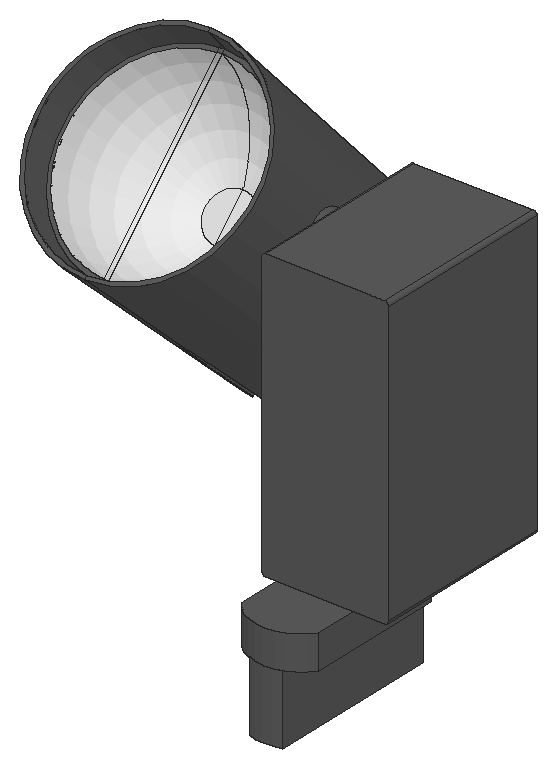
Revit family "0004897 Feilo Sylvania Lighting Fixture START TRACK SPOT S 14W 4K RA90 WB BLACK", category Lighting Fixtures, host Face, Revit 2017 (continued)
Definition of nested family "Start Track Spot Head"
  Types (96, lengths in mm): name | Wattage | built-in parameter 1150134 | Photometric Web File | Model | built-in parameter 1150105 | Lumens | built-in parameter 1150107 | built-in parameter 1150106 | HeadThickness_FEILO | HeadRibOffset_FEILO | HeadRibDepth_FEILO | HeadRibCutWidth_FEILO | HeadRibCutOffset_FEILO | HeadReflectorRadius_FEILO | HeadReflectorOffset_FEILO | HeadLEDRadius_FEILO | HeadHeight_FEILO | HeadDiffusorOffset_FEILO | HeadDiaOut_FEILO | HeadDiaIn_FEILO | HeadAxisFromTop_FEILO | Emit from Circle Diameter | built-in parameter 1150104 | Description | Apparent Load
    0004864 START TRACK SPOT S 24W 3K RA90 WB WHITE | 24 W | (empty or 0) | "0004864.ies" | "START TRACK SPOT S 24W 3K RA90 WB WHITE" | 152.79 (stored number, unit not read) | 1920 lm | 3000 (stored number, unit not read) | 1.5279 (stored number, unit not read) | 1.5 | 4.179 | 55.714 | 7.167 | 50.87 | 50.588 | 55.714 | 9.556 | 117 | 9.435 | 86 | 77.477 | 69.354 | 77.477 | 7.4322 (stored number, unit not read) | "Integrated LED spotlight, Textured White - RAL9016, compact and minimalist design, ideal for retail applications, die-cast aluminium body, passive cooling heatsink. Beam angle: 64°, color temperature: 3000K , total system power: 24W, total fixture output: 1928 lm, LOR: 100%, colour rendering: Ra: 90 typical, LED Chromaticity: 3 step MacAdam ellipse, lifetime: >50000 hours at L70B50, energy class: A++, A+, A, IR/UV free light source without heat radiation, operating voltage: 220-240V / 50-60Hz, drive current: 600mA, electronic driver, non-dimmable, power factor: 0.95, electrical protection: Class II, Global Track 3 Phase adapter suitable for Global trac 3-circuit tracks, ingress protection rating: IP20, suitable for internal environment only, horizontal rotation: 355°, vertical tilt: 90°, dimensions: Ø86x140x200, weight: 0.966kg." | 24 VA
    0004863 START TRACK SPOT S 24W 3K RA90 MB WHITE | 24 W | (empty or 0) | "0004863.ies" | "START TRACK SPOT S 24W 3K RA90 MB WHITE" | 154.7 (stored number, unit not read) | 1944 lm | 3000 (stored number, unit not read) | 1.547 (stored number, unit not read) | 1.5 | 4.179 | 55.714 | 7.167 | 50.87 | 50.588 | 55.714 | 9.556 | 117 | 9.435 | 86 | 77.477 | 69.354 | 77.477 | 7.5251 (stored number, unit not read) | "Integrated LED spotlight, Textured White - RAL9016, compact and minimalist design, ideal for retail applications, die-cast aluminium body, passive cooling heatsink. Beam angle: 36°, color temperature: 3000K , total system power: 24W, total fixture output: 1944 lm, LOR: 100%, colour rendering: Ra: 90 typical, LED Chromaticity: 3 step MacAdam ellipse, lifetime: >50000 hours at L70B50, energy class: A++, A+, A, IR/UV free light source without heat radiation, operating voltage: 220-240V / 50-60Hz, drive current: 600mA, electronic driver, non-dimmable, power factor: 0.95, electrical protection: Class II, Global Track 3 Phase adapter suitable for Global trac 3-circuit tracks, ingress protection rating: IP20, suitable for internal environment only, horizontal rotation: 355°, vertical tilt: 90°, dimensions: Ø86x140x200, weight: 0.966kg." | 24 VA
    0004862 START TRACK SPOT S 24W 3K RA90 NB WHITE | 24 W | (empty or 0) | "0004862.ies" | "START TRACK SPOT S 24W 3K RA90 NB WHITE" | 158.52 (stored number, unit not read) | 1992 lm | 3000 (stored number, unit not read) | 1.5852 (stored number, unit not read) | 1.5 | 4.179 | 55.714 | 7.167 | 50.87 | 50.588 | 55.714 | 9.556 | 117 | 9.435 | 86 | 77.477 | 69.354 | 77.477 | 7.711 (stored number, unit not read) | "Integrated LED spotlight, Textured White - RAL9016, compact and minimalist design, ideal for retail applications, die-cast aluminium body, passive cooling heatsink. Beam angle: 12°, color temperature: 3000K , total system power: 24W, total fixture output: 1987 lm, LOR: 100%, colour rendering: Ra: 90 typical, LED Chromaticity: 3 step MacAdam ellipse, lifetime: >50000 hours at L70B50, energy class: A++, A+, A, IR/UV free light source without heat radiation, operating voltage: 220-240V / 50-60Hz, drive current: 600mA, electronic driver, non-dimmable, power factor: 0.95, electrical protection: Class II, Global Track 3 Phase adapter suitable for Global trac 3-circuit tracks, ingress protection rating: IP20, suitable for internal environment only, horizontal rotation: 355°, vertical tilt: 90°, dimensions: Ø86x140x200, weight: 0.966kg." | 24 VA
    0004861 START TRACK SPOT S 14W 3K RA90 WB WHITE | 14 W | (empty or 0) | "0004861.ies" | "START TRACK SPOT S 14W 3K RA90 WB WHITE" | 100.27 (stored number, unit not read) | 1260 lm | 3000 (stored number, unit not read) | 1.0027 (stored number, unit not read) | 1.5 | 4.179 | 55.714 | 7.167 | 50.87 | 50.588 | 55.714 | 9.556 | 117 | 9.435 | 86 | 77.477 | 69.354 | 77.477 | 8.3613 (stored number, unit not read) | "Integrated LED spotlight, Textured White - RAL9016, compact and minimalist design, ideal for retail applications, die-cast aluminium body, passive cooling heatsink. Beam angle: 64°, color temperature: 3000K , total system power: 14W, total fixture output: 1262 lm, LOR: 100%, colour rendering: Ra: 90 typical, LED Chromaticity: 3 step MacAdam ellipse, lifetime: >50000 hours at L70B50, energy class: A++, A+, A, IR/UV free light source without heat radiation, operating voltage: 220-240V / 50-60Hz, drive current: 350mA, electronic driver, non-dimmable, power factor: 0.92, electrical protection: Class II, Global Track 3 Phase adapter suitable for Global trac 3-circuit tracks, ingress protection rating: IP20, suitable for internal environment only, horizontal rotation: 355°, vertical tilt: 90°, dimensions: Ø86x140x200, weight: 0.940kg." | 14 VA
    0004860 START TRACK SPOT S 14W 3K RA90 MB WHITE | 14 W | (empty or 0) | "0004860.ies" | "START TRACK SPOT S 14W 3K RA90 MB WHITE" | 100.27 (stored number, unit not read) | 1260 lm | 3000 (stored number, unit not read) | 1.0027 (stored number, unit not read) | 1.5 | 4.179 | 55.714 | 7.167 | 50.87 | 50.588 | 55.714 | 9.556 | 117 | 9.435 | 86 | 77.477 | 69.354 | 77.477 | 8.3613 (stored number, unit not read) | "Integrated LED spotlight, Textured White - RAL9016, compact and minimalist design, ideal for retail applications, die-cast aluminium body, passive cooling heatsink. Beam angle: 36°, color temperature: 3000K , total system power: 14W, total fixture output: 1262 lm, LOR: 100%, colour rendering: Ra: 90 typical, LED Chromaticity: 3 step MacAdam ellipse, lifetime: >50000 hours at L70B50, energy class: A++, A+, A, IR/UV free light source without heat radiation, operating voltage: 220-240V / 50-60Hz, drive current: 350mA, electronic driver, non-dimmable, power factor: 0.92, electrical protection: Class II, Global Track 3 Phase adapter suitable for Global trac 3-circuit tracks, ingress protection rating: IP20, suitable for internal environment only, horizontal rotation: 355°, vertical tilt: 90°, dimensions: Ø86x140x200, weight: 0.940kg." | 14 VA
    0004859 START TRACK SPOT S 14W 3K RA90 NB WHITE | 14 W | (empty or 0) | "0004859.ies" | "START TRACK SPOT S 14W 3K RA90 NB WHITE" | 102.5 (stored number, unit not read) | 1288 lm | 3000 (stored number, unit not read) | 1.025 (stored number, unit not read) | 1.5 | 4.179 | 55.714 | 7.167 | 50.87 | 50.588 | 55.714 | 9.556 | 117 | 9.435 | 86 | 77.477 | 69.354 | 77.477 | 8.5471 (stored number, unit not read) | "Integrated LED spotlight, Textured White - RAL9016, compact and minimalist design, ideal for retail applications, die-cast aluminium body, passive cooling heatsink. Beam angle: 12°, color temperature: 3000K , total system power: 14W, total fixture output: 1284 lm, LOR: 100%, colour rendering: Ra: 90 typical, LED Chromaticity: 3 step MacAdam ellipse, lifetime: >50000 hours at L70B50, energy class: A++, A+, A, IR/UV free light source without heat radiation, operating voltage: 220-240V / 50-60Hz, drive current: 350mA, electronic driver, non-dimmable, power factor: 0.92, electrical protection: Class II, Global Track 3 Phase adapter suitable for Global trac 3-circuit tracks, ingress protection rating: IP20, suitable for internal environment only, horizontal rotation: 355°, vertical tilt: 90°, dimensions: Ø86x140x200, weight: 0.940kg." | 14 VA
    0004858 START TRACK SPOT L 55W 4K RA80 WB BLACK | 55 W | 12 | "0004858.ies" | "START TRACK SPOT L 55W 4K RA80 WB BLACK" | 424.55 (stored number, unit not read) | 5335 lm | 4000 (stored number, unit not read) | 4.2455 (stored number, unit not read) | 2 | 4.429 | 59.048 | 9.417 | 53.913 | 66.471 | 59.048 | 12.556 | 124 | 10 | 113 | 101.802 | 73.503 | 101.802 | 9.0116 (stored number, unit not read) | "Integrated LED spotlight, Textured Black - RAL9005, compact and minimalist design, ideal for retail applications, die-cast aluminium body, passive cooling heatsink. Beam angle: 52°, color temperature: 4000K , total system power: 55W, total fixture output: 5320 lm, LOR: 100%, colour rendering: Ra: 80 typical, LED Chromaticity: 3 step MacAdam ellipse, lifetime: >50000 hours at L70B50, energy class: A++, A+, A, IR/UV free light source without heat radiation, operating voltage: 220-240V / 50-60Hz, drive current: 1400mA, electronic driver, non-dimmable, power factor: 0.96, electrical protection: Class II, Global Track 3 Phase adapter suitable for Global trac 3-circuit tracks, ingress protection rating: IP20, suitable for internal environment only, horizontal rotation: 355°, vertical tilt: 90°, dimensions: Ø113x164x240, weight: 1.398kg." | 55 VA
    0004857 START TRACK SPOT L 55W 4K RA80 MB BLACK | 55 W | 12 | "0004857.ies" | "START TRACK SPOT L 55W 4K RA80 MB BLACK" | 428.92 (stored number, unit not read) | 5390 lm | 4000 (stored number, unit not read) | 4.2892 (stored number, unit not read) | 2 | 4.429 | 59.048 | 9.417 | 53.913 | 66.471 | 59.048 | 12.556 | 124 | 10 | 113 | 101.802 | 73.503 | 101.802 | 9.1045 (stored number, unit not read) | "Integrated LED spotlight, Textured Black - RAL9005, compact and minimalist design, ideal for retail applications, die-cast aluminium body, passive cooling heatsink. Beam angle: 38°, color temperature: 4000K , total system power: 55W, total fixture output: 5378 lm, LOR: 100%, colour rendering: Ra: 80 typical, LED Chromaticity: 3 step MacAdam ellipse, lifetime: >50000 hours at L70B50, energy class: A++, A+, A, IR/UV free light source without heat radiation, operating voltage: 220-240V / 50-60Hz, drive current: 1400mA, electronic driver, non-dimmable, power factor: 0.96, electrical protection: Class II, Global Track 3 Phase adapter suitable for Global trac 3-circuit tracks, ingress protection rating: IP20, suitable for internal environment only, horizontal rotation: 355°, vertical tilt: 90°, dimensions: Ø113x164x240, weight: 1.398kg." | 55 VA
    0004856 START TRACK SPOT L 55W 4K RA80 NB BLACK | 55 W | 12 | "0004856.ies" | "START TRACK SPOT L 55W 4K RA80 NB BLACK" | 433.3 (stored number, unit not read) | 5445 lm | 4000 (stored number, unit not read) | 4.333 (stored number, unit not read) | 2 | 4.429 | 59.048 | 9.417 | 53.913 | 66.471 | 59.048 | 12.556 | 124 | 10 | 113 | 101.802 | 73.503 | 101.802 | 9.1974 (stored number, unit not read) | "Integrated LED spotlight, Textured Black - RAL9005, compact and minimalist design, ideal for retail applications, die-cast aluminium body, passive cooling heatsink. Beam angle: 15°, color temperature: 4000K , total system power: 55W, total fixture output: 5426 lm, LOR: 100%, colour rendering: Ra: 80 typical, LED Chromaticity: 3 step MacAdam ellipse, lifetime: >50000 hours at L70B50, energy class: A++, A+, A, IR/UV free light source without heat radiation, operating voltage: 220-240V / 50-60Hz, drive current: 1400mA, electronic driver, non-dimmable, power factor: 0.96, electrical protection: Class II, Global Track 3 Phase adapter suitable for Global trac 3-circuit tracks, ingress protection rating: IP20, suitable for internal environment only, horizontal rotation: 355°, vertical tilt: 90°, dimensions: Ø113x164x240, weight: 1.398kg." | 55 VA
    0004855 START TRACK SPOT L 35W 4K RA80 WB BLACK | 35 W | 12 | "0004855.ies" | "START TRACK SPOT L 35W 4K RA80 WB BLACK" | 320.3 (stored number, unit not read) | 4025 lm | 4000 (stored number, unit not read) | 3.203 (stored number, unit not read) | 2 | 4.429 | 59.048 | 9.417 | 53.913 | 66.471 | 59.048 | 12.556 | 124 | 10 | 113 | 101.802 | 73.503 | 101.802 | 10.684 (stored number, unit not read) | "Integrated LED spotlight, Textured Black - RAL9005, compact and minimalist design, ideal for retail applications, die-cast aluminium body, passive cooling heatsink. Beam angle: 52°, color temperature: 4000K , total system power: 35W, total fixture output: 4010 lm, LOR: 100%, colour rendering: Ra: 80 typical, LED Chromaticity: 3 step MacAdam ellipse, lifetime: >50000 hours at L70B50, energy class: A++, A+, A, IR/UV free light source without heat radiation, operating voltage: 220-240V / 50-60Hz, drive current: 900mA, electronic driver, non-dimmable, power factor: 0.93, electrical protection: Class II, Global Track 3 Phase adapter suitable for Global trac 3-circuit tracks, ingress protection rating: IP20, suitable for internal environment only, horizontal rotation: 355°, vertical tilt: 90°, dimensions: Ø113x164x240, weight: 1.368kg." | 35 VA
    0004854 START TRACK SPOT L 35W 4K RA80 MB BLACK | 35 W | 12 | "0004854.ies" | "START TRACK SPOT L 35W 4K RA80 MB BLACK" | 320.3 (stored number, unit not read) | 4025 lm | 4000 (stored number, unit not read) | 3.203 (stored number, unit not read) | 2 | 4.429 | 59.048 | 9.417 | 53.913 | 66.471 | 59.048 | 12.556 | 124 | 10 | 113 | 101.802 | 73.503 | 101.802 | 10.684 (stored number, unit not read) | "Integrated LED spotlight, Textured Black - RAL9005, compact and minimalist design, ideal for retail applications, die-cast aluminium body, passive cooling heatsink. Beam angle: 38°, color temperature: 4000K , total system power: 35W, total fixture output: 4017 lm, LOR: 100%, colour rendering: Ra: 80 typical, LED Chromaticity: 3 step MacAdam ellipse, lifetime: >50000 hours at L70B50, energy class: A++, A+, A, IR/UV free light source without heat radiation, operating voltage: 220-240V / 50-60Hz, drive current: 900mA, electronic driver, non-dimmable, power factor: 0.93, electrical protection: Class II, Global Track 3 Phase adapter suitable for Global trac 3-circuit tracks, ingress protection rating: IP20, suitable for internal environment only, horizontal rotation: 355°, vertical tilt: 90°, dimensions: Ø113x164x240, weight: 1.368kg." | 35 VA
    0004853 START TRACK SPOT L 35W 4K RA80 NB BLACK | 35 W | 12 | "0004853.ies" | "START TRACK SPOT L 35W 4K RA80 NB BLACK" | 331.44 (stored number, unit not read) | 4165 lm | 4000 (stored number, unit not read) | 3.3144 (stored number, unit not read) | 2 | 4.429 | 59.048 | 9.417 | 53.913 | 66.471 | 59.048 | 12.556 | 124 | 10 | 113 | 101.802 | 73.503 | 101.802 | 11.055 (stored number, unit not read) | "Integrated LED spotlight, Textured Black - RAL9005, compact and minimalist design, ideal for retail applications, die-cast aluminium body, passive cooling heatsink. Beam angle: 15°, color temperature: 4000K , total system power: 35W, total fixture output: 4174 lm, LOR: 100%, colour rendering: Ra: 80 typical, LED Chromaticity: 3 step MacAdam ellipse, lifetime: >50000 hours at L70B50, energy class: A++, A+, A, IR/UV free light source without heat radiation, operating voltage: 220-240V / 50-60Hz, drive current: 900mA, electronic driver, non-dimmable, power factor: 0.93, electrical protection: Class II, Global Track 3 Phase adapter suitable for Global trac 3-circuit tracks, ingress protection rating: IP20, suitable for internal environment only, horizontal rotation: 355°, vertical tilt: 90°, dimensions: Ø113x164x240, weight: 1.368kg." | 35 VA
    0004852 START TRACK SPOT S 24W 4K RA80 WB BLACK | 24 W | 12 | "0004852.ies" | "START TRACK SPOT S 24W 4K RA80 WB BLACK" | 196.72 (stored number, unit not read) | 2472 lm | 4000 (stored number, unit not read) | 1.9672 (stored number, unit not read) | 1.5 | 4.179 | 55.714 | 7.167 | 50.87 | 50.588 | 55.714 | 9.556 | 117 | 9.435 | 86 | 77.477 | 69.354 | 77.477 | 9.569 (stored number, unit not read) | "Integrated LED spotlight, Textured Black - RAL9005, compact and minimalist design, ideal for retail applications, die-cast aluminium body, passive cooling heatsink. Beam angle: 64°, color temperature: 4000K , total system power: 24W, total fixture output: 2476 lm, LOR: 100%, colour rendering: Ra: 80 typical, LED Chromaticity: 3 step MacAdam ellipse, lifetime: >50000 hours at L70B50, energy class: A++, A+, A, IR/UV free light source without heat radiation, operating voltage: 220-240V / 50-60Hz, drive current: 600mA, electronic driver, non-dimmable, power factor: 0.95, electrical protection: Class II, Global Track 3 Phase adapter suitable for Global trac 3-circuit tracks, ingress protection rating: IP20, suitable for internal environment only, horizontal rotation: 355°, vertical tilt: 90°, dimensions: Ø86x140x200, weight: 0.966kg." | 24 VA
    0004851 START TRACK SPOT S 24W 4K RA80 MB BLACK | 24 W | 12 | "0004851.ies" | "START TRACK SPOT S 24W 4K RA80 MB BLACK" | 198.63 (stored number, unit not read) | 2496 lm | 4000 (stored number, unit not read) | 1.9863 (stored number, unit not read) | 1.5 | 4.179 | 55.714 | 7.167 | 50.87 | 50.588 | 55.714 | 9.556 | 117 | 9.435 | 86 | 77.477 | 69.354 | 77.477 | 9.6619 (stored number, unit not read) | "Integrated LED spotlight, Textured Black - RAL9005, compact and minimalist design, ideal for retail applications, die-cast aluminium body, passive cooling heatsink. Beam angle: 36°, color temperature: 4000K , total system power: 24W, total fixture output: 2487 lm, LOR: 100%, colour rendering: Ra: 80 typical, LED Chromaticity: 3 step MacAdam ellipse, lifetime: >50000 hours at L70B50, energy class: A++, A+, A, IR/UV free light source without heat radiation, operating voltage: 220-240V / 50-60Hz, drive current: 600mA, electronic driver, non-dimmable, power factor: 0.95, electrical protection: Class II, Global Track 3 Phase adapter suitable for Global trac 3-circuit tracks, ingress protection rating: IP20, suitable for internal environment only, horizontal rotation: 355°, vertical tilt: 90°, dimensions: Ø86x140x200, weight: 0.966kg." | 24 VA
    0004850 START TRACK SPOT S 24W 4K RA80 NB BLACK | 24 W | 12 | "0004850.ies" | "START TRACK SPOT S 24W 4K RA80 NB BLACK" | 200.54 (stored number, unit not read) | 2520 lm | 4000 (stored number, unit not read) | 2.0054 (stored number, unit not read) | 1.5 | 4.179 | 55.714 | 7.167 | 50.87 | 50.588 | 55.714 | 9.556 | 117 | 9.435 | 86 | 77.477 | 69.354 | 77.477 | 9.7548 (stored number, unit not read) | "Integrated LED spotlight, Textured Black - RAL9005, compact and minimalist design, ideal for retail applications, die-cast aluminium body, passive cooling heatsink. Beam angle: 12°, color temperature: 4000K , total system power: 24W, total fixture output: 2529 lm, LOR: 100%, colour rendering: Ra: 80 typical, LED Chromaticity: 3 step MacAdam ellipse, lifetime: >50000 hours at L70B50, energy class: A++, A+, A, IR/UV free light source without heat radiation, operating voltage: 220-240V / 50-60Hz, drive current: 600mA, electronic driver, non-dimmable, power factor: 0.95, electrical protection: Class II, Global Track 3 Phase adapter suitable for Global trac 3-circuit tracks, ingress protection rating: IP20, suitable for internal environment only, horizontal rotation: 355°, vertical tilt: 90°, dimensions: Ø86x140x200, weight: 0.966kg." | 24 VA
    0004849 START TRACK SPOT S 14W 4K RA80 WB BLACK | 14 W | 12 | "0004849.ies" | "START TRACK SPOT S 14W 4K RA80 WB BLACK" | 123.66 (stored number, unit not read) | 1554 lm | 4000 (stored number, unit not read) | 1.2366 (stored number, unit not read) | 1.5 | 4.179 | 55.714 | 7.167 | 50.87 | 50.588 | 55.714 | 9.556 | 117 | 9.435 | 86 | 77.477 | 69.354 | 77.477 | 10.312 (stored number, unit not read) | "Integrated LED spotlight, Textured Black - RAL9005, compact and minimalist design, ideal for retail applications, die-cast aluminium body, passive cooling heatsink. Beam angle: 64°, color temperature: 4000K , total system power: 14W, total fixture output: 1558 lm, LOR: 100%, colour rendering: Ra: 80 typical, LED Chromaticity: 3 step MacAdam ellipse, lifetime: >50000 hours at L70B50, energy class: A++, A+, A, IR/UV free light source without heat radiation, operating voltage: 220-240V / 50-60Hz, drive current: 350mA, electronic driver, non-dimmable, power factor: 0.92, electrical protection: Class II, Global Track 3 Phase adapter suitable for Global trac 3-circuit tracks, ingress protection rating: IP20, suitable for internal environment only, horizontal rotation: 355°, vertical tilt: 90°, dimensions: Ø86x140x200, weight: 0.940kg." | 14 VA
    0004848 START TRACK SPOT S 14W 4K RA80 MB BLACK | 14 W | 12 | "0004848.ies" | "START TRACK SPOT S 14W 4K RA80 MB BLACK" | 127.01 (stored number, unit not read) | 1596 lm | 4000 (stored number, unit not read) | 1.2701 (stored number, unit not read) | 1.5 | 4.179 | 55.714 | 7.167 | 50.87 | 50.588 | 55.714 | 9.556 | 117 | 9.435 | 86 | 77.477 | 69.354 | 77.477 | 10.591 (stored number, unit not read) | "Integrated LED spotlight, Textured Black - RAL9005, compact and minimalist design, ideal for retail applications, die-cast aluminium body, passive cooling heatsink. Beam angle: 36°, color temperature: 4000K , total system power: 14W, total fixture output: 1598 lm, LOR: 100%, colour rendering: Ra: 80 typical, LED Chromaticity: 3 step MacAdam ellipse, lifetime: >50000 hours at L70B50, energy class: A++, A+, A, IR/UV free light source without heat radiation, operating voltage: 220-240V / 50-60Hz, drive current: 350mA, electronic driver, non-dimmable, power factor: 0.92, electrical protection: Class II, Global Track 3 Phase adapter suitable for Global trac 3-circuit tracks, ingress protection rating: IP20, suitable for internal environment only, horizontal rotation: 355°, vertical tilt: 90°, dimensions: Ø86x140x200, weight: 0.940kg." | 14 VA
    0004847 START TRACK SPOT S 14W 4K RA80 NB BLACK | 14 W | 12 | "0004847.ies" | "START TRACK SPOT S 14W 4K RA80 NB BLACK" | 128.12 (stored number, unit not read) | 1610 lm | 4000 (stored number, unit not read) | 1.2812 (stored number, unit not read) | 1.5 | 4.179 | 55.714 | 7.167 | 50.87 | 50.588 | 55.714 | 9.556 | 117 | 9.435 | 86 | 77.477 | 69.354 | 77.477 | 10.684 (stored number, unit not read) | "Integrated LED spotlight, Textured Black - RAL9005, compact and minimalist design, ideal for retail applications, die-cast aluminium body, passive cooling heatsink. Beam angle: 12°, color temperature: 4000K , total system power: 14W, total fixture output: 1608 lm, LOR: 100%, colour rendering: Ra: 80 typical, LED Chromaticity: 3 step MacAdam ellipse, lifetime: >50000 hours at L70B50, energy class: A++, A+, A, IR/UV free light source without heat radiation, operating voltage: 220-240V / 50-60Hz, drive current: 350mA, electronic driver, non-dimmable, power factor: 0.92, electrical protection: Class II, Global Track 3 Phase adapter suitable for Global trac 3-circuit tracks, ingress protection rating: IP20, suitable for internal environment only, horizontal rotation: 355°, vertical tilt: 90°, dimensions: Ø86x140x200, weight: 0.940kg." | 14 VA
    0004846 START TRACK SPOT L 55W 3K RA80 WB BLACK | 55 W | (empty or 0) | "0004846.ies" | "START TRACK SPOT L 55W 3K RA80 WB BLACK" | 420.17 (stored number, unit not read) | 5280 lm | 3000 (stored number, unit not read) | 4.2017 (stored number, unit not read) | 2 | 4.429 | 59.048 | 9.417 | 53.913 | 66.471 | 59.048 | 12.556 | 124 | 10 | 113 | 101.802 | 73.503 | 101.802 | 8.9187 (stored number, unit not read) | "Integrated LED spotlight, Textured Black - RAL9005, compact and minimalist design, ideal for retail applications, die-cast aluminium body, passive cooling heatsink. Beam angle: 52°, color temperature: 3000K , total system power: 55W, total fixture output: 5298 lm, LOR: 100%, colour rendering: Ra: 80 typical, LED Chromaticity: 3 step MacAdam ellipse, lifetime: >50000 hours at L70B50, energy class: A++, A+, A, IR/UV free light source without heat radiation, operating voltage: 220-240V / 50-60Hz, drive current: 1400mA, electronic driver, non-dimmable, power factor: 0.96, electrical protection: Class II, Global Track 3 Phase adapter suitable for Global trac 3-circuit tracks, ingress protection rating: IP20, suitable for internal environment only, horizontal rotation: 355°, vertical tilt: 90°, dimensions: Ø113x164x240, weight: 1.398kg." | 55 VA
    0004845 START TRACK SPOT L 55W 3K RA80 MB BLACK | 55 W | (empty or 0) | "0004845.ies" | "START TRACK SPOT L 55W 3K RA80 MB BLACK" | 428.92 (stored number, unit not read) | 5390 lm | 3000 (stored number, unit not read) | 4.2892 (stored number, unit not read) | 2 | 4.429 | 59.048 | 9.417 | 53.913 | 66.471 | 59.048 | 12.556 | 124 | 10 | 113 | 101.802 | 73.503 | 101.802 | 9.1045 (stored number, unit not read) | "Integrated LED spotlight, Textured Black - RAL9005, compact and minimalist design, ideal for retail applications, die-cast aluminium body, passive cooling heatsink. Beam angle: 38°, color temperature: 3000K , total system power: 55W, total fixture output: 5381 lm, LOR: 100%, colour rendering: Ra: 80 typical, LED Chromaticity: 3 step MacAdam ellipse, lifetime: >50000 hours at L70B50, energy class: A++, A+, A, IR/UV free light source without heat radiation, operating voltage: 220-240V / 50-60Hz, drive current: 1400mA, electronic driver, non-dimmable, power factor: 0.96, electrical protection: Class II, Global Track 3 Phase adapter suitable for Global trac 3-circuit tracks, ingress protection rating: IP20, suitable for internal environment only, horizontal rotation: 355°, vertical tilt: 90°, dimensions: Ø113x164x240, weight: 1.398kg." | 55 VA
    0004844 START TRACK SPOT L 55W 3K RA80 NB BLACK | 55 W | (empty or 0) | "0004844.ies" | "START TRACK SPOT L 55W 3K RA80 NB BLACK" | 433.3 (stored number, unit not read) | 5445 lm | 3000 (stored number, unit not read) | 4.333 (stored number, unit not read) | 2 | 4.429 | 59.048 | 9.417 | 53.913 | 66.471 | 59.048 | 12.556 | 124 | 10 | 113 | 101.802 | 73.503 | 101.802 | 9.1974 (stored number, unit not read) | "Integrated LED spotlight, Textured Black - RAL9005, compact and minimalist design, ideal for retail applications, die-cast aluminium body, passive cooling heatsink. Beam angle: 15°, color temperature: 3000K , total system power: 55W, total fixture output: 5449 lm, LOR: 100%, colour rendering: Ra: 80 typical, LED Chromaticity: 3 step MacAdam ellipse, lifetime: >50000 hours at L70B50, energy class: A++, A+, A, IR/UV free light source without heat radiation, operating voltage: 220-240V / 50-60Hz, drive current: 1400mA, electronic driver, non-dimmable, power factor: 0.96, electrical protection: Class II, Global Track 3 Phase adapter suitable for Global trac 3-circuit tracks, ingress protection rating: IP20, suitable for internal environment only, horizontal rotation: 355°, vertical tilt: 90°, dimensions: Ø113x164x240, weight: 1.398kg." | 55 VA
    0004843 START TRACK SPOT L 35W 3K RA80 WB BLACK | 35 W | (empty or 0) | "0004843.ies" | "START TRACK SPOT L 35W 3K RA80 WB BLACK" | 314.73 (stored number, unit not read) | 3955 lm | 3000 (stored number, unit not read) | 3.1473 (stored number, unit not read) | 2 | 4.429 | 59.048 | 9.417 | 53.913 | 66.471 | 59.048 | 12.556 | 124 | 10 | 113 | 101.802 | 73.503 | 101.802 | 10.498 (stored number, unit not read) | "Integrated LED spotlight, Textured Black - RAL9005, compact and minimalist design, ideal for retail applications, die-cast aluminium body, passive cooling heatsink. Beam angle: 52°, color temperature: 3000K , total system power: 35W, total fixture output: 3943 lm, LOR: 100%, colour rendering: Ra: 80 typical, LED Chromaticity: 3 step MacAdam ellipse, lifetime: >50000 hours at L70B50, energy class: A++, A+, A, IR/UV free light source without heat radiation, operating voltage: 220-240V / 50-60Hz, drive current: 900mA, electronic driver, non-dimmable, power factor: 0.93, electrical protection: Class II, Global Track 3 Phase adapter suitable for Global trac 3-circuit tracks, ingress protection rating: IP20, suitable for internal environment only, horizontal rotation: 355°, vertical tilt: 90°, dimensions: Ø113x164x240, weight: 1.368kg." | 35 VA
    0004842 START TRACK SPOT L 35W 3K RA80 MB BLACK | 35 W | (empty or 0) | "0004842.ies" | "START TRACK SPOT L 35W 3K RA80 MB BLACK" | 320.3 (stored number, unit not read) | 4025 lm | 3000 (stored number, unit not read) | 3.203 (stored number, unit not read) | 2 | 4.429 | 59.048 | 9.417 | 53.913 | 66.471 | 59.048 | 12.556 | 124 | 10 | 113 | 101.802 | 73.503 | 101.802 | 10.684 (stored number, unit not read) | "Integrated LED spotlight, Textured Black - RAL9005, compact and minimalist design, ideal for retail applications, die-cast aluminium body, passive cooling heatsink. Beam angle: 38°, color temperature: 3000K , total system power: 35W, total fixture output: 4008 lm, LOR: 100%, colour rendering: Ra: 80 typical, LED Chromaticity: 3 step MacAdam ellipse, lifetime: >50000 hours at L70B50, energy class: A++, A+, A, IR/UV free light source without heat radiation, operating voltage: 220-240V / 50-60Hz, drive current: 900mA, electronic driver, non-dimmable, power factor: 0.93, electrical protection: Class II, Global Track 3 Phase adapter suitable for Global trac 3-circuit tracks, ingress protection rating: IP20, suitable for internal environment only, horizontal rotation: 355°, vertical tilt: 90°, dimensions: Ø113x164x240, weight: 1.368kg." | 35 VA
    0004841 START TRACK SPOT L 35W 3K RA80 NB BLACK | 35 W | (empty or 0) | "0004841.ies" | "START TRACK SPOT L 35W 3K RA80 NB BLACK" | 317.51 (stored number, unit not read) | 3990 lm | 3000 (stored number, unit not read) | 3.1751 (stored number, unit not read) | 2 | 4.429 | 59.048 | 9.417 | 53.913 | 66.471 | 59.048 | 12.556 | 124 | 10 | 113 | 101.802 | 73.503 | 101.802 | 10.591 (stored number, unit not read) | "Integrated LED spotlight, Textured Black - RAL9005, compact and minimalist design, ideal for retail applications, die-cast aluminium body, passive cooling heatsink. Beam angle: 15°, color temperature: 3000K , total system power: 35W, total fixture output: 4005 lm, LOR: 100%, colour rendering: Ra: 80 typical, LED Chromaticity: 3 step MacAdam ellipse, lifetime: >50000 hours at L70B50, energy class: A++, A+, A, IR/UV free light source without heat radiation, operating voltage: 220-240V / 50-60Hz, drive current: 900mA, electronic driver, non-dimmable, power factor: 0.93, electrical protection: Class II, Global Track 3 Phase adapter suitable for Global trac 3-circuit tracks, ingress protection rating: IP20, suitable for internal environment only, horizontal rotation: 355°, vertical tilt: 90°, dimensions: Ø113x164x240, weight: 1.368kg." | 35 VA
    0004840 START TRACK SPOT S 24W 3K RA80 WB BLACK | 24 W | (empty or 0) | "0004840.ies" | "START TRACK SPOT S 24W 3K RA80 WB BLACK" | 185.26 (stored number, unit not read) | 2328 lm | 3000 (stored number, unit not read) | 1.8526 (stored number, unit not read) | 1.5 | 4.179 | 55.714 | 7.167 | 50.87 | 50.588 | 55.714 | 9.556 | 117 | 9.435 | 86 | 77.477 | 69.354 | 77.477 | 9.0116 (stored number, unit not read) | "Integrated LED spotlight, Textured Black - RAL9005, compact and minimalist design, ideal for retail applications, die-cast aluminium body, passive cooling heatsink. Beam angle: 64°, color temperature: 3000K , total system power: 24W, total fixture output: 2318 lm, LOR: 100%, colour rendering: Ra: 80 typical, LED Chromaticity: 3 step MacAdam ellipse, lifetime: >50000 hours at L70B50, energy class: A++, A+, A, IR/UV free light source without heat radiation, operating voltage: 220-240V / 50-60Hz, drive current: 600mA, electronic driver, non-dimmable, power factor: 0.95, electrical protection: Class II, Global Track 3 Phase adapter suitable for Global trac 3-circuit tracks, ingress protection rating: IP20, suitable for internal environment only, horizontal rotation: 355°, vertical tilt: 90°, dimensions: Ø86x140x200, weight: 0.966kg." | 24 VA
    0004839 START TRACK SPOT S 24W 3K RA80 MB BLACK | 24 W | (empty or 0) | "0004839.ies" | "START TRACK SPOT S 24W 3K RA80 MB BLACK" | 183.35 (stored number, unit not read) | 2304 lm | 3000 (stored number, unit not read) | 1.8335 (stored number, unit not read) | 1.5 | 4.179 | 55.714 | 7.167 | 50.87 | 50.588 | 55.714 | 9.556 | 117 | 9.435 | 86 | 77.477 | 69.354 | 77.477 | 8.9187 (stored number, unit not read) | "Integrated LED spotlight, Textured Black - RAL9005, compact and minimalist design, ideal for retail applications, die-cast aluminium body, passive cooling heatsink. Beam angle: 36°, color temperature: 3000K , total system power: 24W, total fixture output: 2314 lm, LOR: 100%, colour rendering: Ra: 80 typical, LED Chromaticity: 3 step MacAdam ellipse, lifetime: >50000 hours at L70B50, energy class: A++, A+, A, IR/UV free light source without heat radiation, operating voltage: 220-240V / 50-60Hz, drive current: 600mA, electronic driver, non-dimmable, power factor: 0.95, electrical protection: Class II, Global Track 3 Phase adapter suitable for Global trac 3-circuit tracks, ingress protection rating: IP20, suitable for internal environment only, horizontal rotation: 355°, vertical tilt: 90°, dimensions: Ø86x140x200, weight: 0.966kg." | 24 VA
    0004838 START TRACK SPOT S 24W 3K RA80 NB BLACK | 24 W | (empty or 0) | "0004838.ies" | "START TRACK SPOT S 24W 3K RA80 NB BLACK" | 185.26 (stored number, unit not read) | 2328 lm | 3000 (stored number, unit not read) | 1.8526 (stored number, unit not read) | 1.5 | 4.179 | 55.714 | 7.167 | 50.87 | 50.588 | 55.714 | 9.556 | 117 | 9.435 | 86 | 77.477 | 69.354 | 77.477 | 9.0116 (stored number, unit not read) | "Integrated LED spotlight, Textured Black - RAL9005, compact and minimalist design, ideal for retail applications, die-cast aluminium body, passive cooling heatsink. Beam angle: 12°, color temperature: 3000K , total system power: 24W, total fixture output: 2334 lm, LOR: 100%, colour rendering: Ra: 80 typical, LED Chromaticity: 3 step MacAdam ellipse, lifetime: >50000 hours at L70B50, energy class: A++, A+, A, IR/UV free light source without heat radiation, operating voltage: 220-240V / 50-60Hz, drive current: 600mA, electronic driver, non-dimmable, power factor: 0.95, electrical protection: Class II, Global Track 3 Phase adapter suitable for Global trac 3-circuit tracks, ingress protection rating: IP20, suitable for internal environment only, horizontal rotation: 355°, vertical tilt: 90°, dimensions: Ø86x140x200, weight: 0.966kg." | 24 VA
    0004837 START TRACK SPOT S 14W 3K RA80 WB BLACK | 14 W | (empty or 0) | "0004837.ies" | "START TRACK SPOT S 14W 3K RA80 WB BLACK" | 119.21 (stored number, unit not read) | 1498 lm | 3000 (stored number, unit not read) | 1.1921 (stored number, unit not read) | 1.5 | 4.179 | 55.714 | 7.167 | 50.87 | 50.588 | 55.714 | 9.556 | 117 | 9.435 | 86 | 77.477 | 69.354 | 77.477 | 9.9406 (stored number, unit not read) | "Integrated LED spotlight, Textured Black - RAL9005, compact and minimalist design, ideal for retail applications, die-cast aluminium body, passive cooling heatsink. Beam angle: 64°, color temperature: 3000K , total system power: 14W, total fixture output: 1498 lm, LOR: 100%, colour rendering: Ra: 80 typical, LED Chromaticity: 3 step MacAdam ellipse, lifetime: >50000 hours at L70B50, energy class: A++, A+, A, IR/UV free light source without heat radiation, operating voltage: 220-240V / 50-60Hz, drive current: 350mA, electronic driver, non-dimmable, power factor: 0.92, electrical protection: Class II, Global Track 3 Phase adapter suitable for Global trac 3-circuit tracks, ingress protection rating: IP20, suitable for internal environment only, horizontal rotation: 355°, vertical tilt: 90°, dimensions: Ø86x140x200, weight: 0.940kg." | 14 VA
    0004836 START TRACK SPOT S 14W 3K RA80 MB BLACK | 14 W | (empty or 0) | "0004836.ies" | "START TRACK SPOT S 14W 3K RA80 MB BLACK" | 120.32 (stored number, unit not read) | 1512 lm | 3000 (stored number, unit not read) | 1.2032 (stored number, unit not read) | 1.5 | 4.179 | 55.714 | 7.167 | 50.87 | 50.588 | 55.714 | 9.556 | 117 | 9.435 | 86 | 77.477 | 69.354 | 77.477 | 10.034 (stored number, unit not read) | "Integrated LED spotlight, Textured Black - RAL9005, compact and minimalist design, ideal for retail applications, die-cast aluminium body, passive cooling heatsink. Beam angle: 36°, color temperature: 3000K , total system power: 14W, total fixture output: 1508 lm, LOR: 100%, colour rendering: Ra: 80 typical, LED Chromaticity: 3 step MacAdam ellipse, lifetime: >50000 hours at L70B50, energy class: A++, A+, A, IR/UV free light source without heat radiation, operating voltage: 220-240V / 50-60Hz, drive current: 350mA, electronic driver, non-dimmable, power factor: 0.92, electrical protection: Class II, Global Track 3 Phase adapter suitable for Global trac 3-circuit tracks, ingress protection rating: IP20, suitable for internal environment only, horizontal rotation: 355°, vertical tilt: 90°, dimensions: Ø86x140x200, weight: 0.940kg." | 14 VA
    0004835 START TRACK SPOT S 14W 3K RA80 NB BLACK | 14 W | (empty or 0) | "0004835.ies" | "START TRACK SPOT S 14W 3K RA80 NB BLACK" | 123.66 (stored number, unit not read) | 1554 lm | 3000 (stored number, unit not read) | 1.2366 (stored number, unit not read) | 1.5 | 4.179 | 55.714 | 7.167 | 50.87 | 50.588 | 55.714 | 9.556 | 117 | 9.435 | 86 | 77.477 | 69.354 | 77.477 | 10.312 (stored number, unit not read) | "Integrated LED spotlight, Textured Black - RAL9005, compact and minimalist design, ideal for retail applications, die-cast aluminium body, passive cooling heatsink. Beam angle: 12°, color temperature: 3000K , total system power: 14W, total fixture output: 1551 lm, LOR: 100%, colour rendering: Ra: 80 typical, LED Chromaticity: 3 step MacAdam ellipse, lifetime: >50000 hours at L70B50, energy class: A++, A+, A, IR/UV free light source without heat radiation, operating voltage: 220-240V / 50-60Hz, drive current: 350mA, electronic driver, non-dimmable, power factor: 0.92, electrical protection: Class II, Global Track 3 Phase adapter suitable for Global trac 3-circuit tracks, ingress protection rating: IP20, suitable for internal environment only, horizontal rotation: 355°, vertical tilt: 90°, dimensions: Ø86x140x200, weight: 0.940kg." | 14 VA
    0004834 START TRACK SPOT L 55W 4K RA80 WB WHITE | 55 W | 12 | "0004834.ies" | "START TRACK SPOT L 55W 4K RA80 WB WHITE" | 424.55 (stored number, unit not read) | 5335 lm | 4000 (stored number, unit not read) | 4.2455 (stored number, unit not read) | 2 | 4.429 | 59.048 | 9.417 | 53.913 | 66.471 | 59.048 | 12.556 | 124 | 10 | 113 | 101.802 | 73.503 | 101.802 | 9.0116 (stored number, unit not read) | "Integrated LED spotlight, Textured White - RAL9016, compact and minimalist design, ideal for retail applications, die-cast aluminium body, passive cooling heatsink. Beam angle: 52°, color temperature: 4000K , total system power: 55W, total fixture output: 5320 lm, LOR: 100%, colour rendering: Ra: 80 typical, LED Chromaticity: 3 step MacAdam ellipse, lifetime: >50000 hours at L70B50, energy class: A++, A+, A, IR/UV free light source without heat radiation, operating voltage: 220-240V / 50-60Hz, drive current: 1400mA, electronic driver, non-dimmable, power factor: 0.96, electrical protection: Class II, Global Track 3 Phase adapter suitable for Global trac 3-circuit tracks, ingress protection rating: IP20, suitable for internal environment only, horizontal rotation: 355°, vertical tilt: 90°, dimensions: Ø113x164x240, weight: 1.398kg." | 55 VA
    0004833 START TRACK SPOT L 55W 4K RA80 MB WHITE | 55 W | 12 | "0004833.ies" | "START TRACK SPOT L 55W 4K RA80 MB WHITE" | 428.92 (stored number, unit not read) | 5390 lm | 4000 (stored number, unit not read) | 4.2892 (stored number, unit not read) | 2 | 4.429 | 59.048 | 9.417 | 53.913 | 66.471 | 59.048 | 12.556 | 124 | 10 | 113 | 101.802 | 73.503 | 101.802 | 9.1045 (stored number, unit not read) | "Integrated LED spotlight, Textured White - RAL9016, compact and minimalist design, ideal for retail applications, die-cast aluminium body, passive cooling heatsink. Beam angle: 38°, color temperature: 4000K , total system power: 55W, total fixture output: 5378 lm, LOR: 100%, colour rendering: Ra: 80 typical, LED Chromaticity: 3 step MacAdam ellipse, lifetime: >50000 hours at L70B50, energy class: A++, A+, A, IR/UV free light source without heat radiation, operating voltage: 220-240V / 50-60Hz, drive current: 1400mA, electronic driver, non-dimmable, power factor: 0.96, electrical protection: Class II, Global Track 3 Phase adapter suitable for Global trac 3-circuit tracks, ingress protection rating: IP20, suitable for internal environment only, horizontal rotation: 355°, vertical tilt: 90°, dimensions: Ø113x164x240, weight: 1.398kg." | 55 VA
    0004832 START TRACK SPOT L 55W 4K RA80 NB WHITE | 55 W | 12 | "0004832.ies" | "START TRACK SPOT L 55W 4K RA80 NB WHITE" | 433.3 (stored number, unit not read) | 5445 lm | 4000 (stored number, unit not read) | 4.333 (stored number, unit not read) | 2 | 4.429 | 59.048 | 9.417 | 53.913 | 66.471 | 59.048 | 12.556 | 124 | 10 | 113 | 101.802 | 73.503 | 101.802 | 9.1974 (stored number, unit not read) | "Integrated LED spotlight, Textured White - RAL9016, compact and minimalist design, ideal for retail applications, die-cast aluminium body, passive cooling heatsink. Beam angle: 15°, color temperature: 4000K , total system power: 55W, total fixture output: 5426 lm, LOR: 100%, colour rendering: Ra: 80 typical, LED Chromaticity: 3 step MacAdam ellipse, lifetime: >50000 hours at L70B50, energy class: A++, A+, A, IR/UV free light source without heat radiation, operating voltage: 220-240V / 50-60Hz, drive current: 1400mA, electronic driver, non-dimmable, power factor: 0.96, electrical protection: Class II, Global Track 3 Phase adapter suitable for Global trac 3-circuit tracks, ingress protection rating: IP20, suitable for internal environment only, horizontal rotation: 355°, vertical tilt: 90°, dimensions: Ø113x164x240, weight: 1.398kg." | 55 VA
    0004831 START TRACK SPOT L 35W 4K RA80 WB WHITE | 35 W | 12 | "0004831.ies" | "START TRACK SPOT L 35W 4K RA80 WB WHITE" | 320.3 (stored number, unit not read) | 4025 lm | 4000 (stored number, unit not read) | 3.203 (stored number, unit not read) | 2 | 4.429 | 59.048 | 9.417 | 53.913 | 66.471 | 59.048 | 12.556 | 124 | 10 | 113 | 101.802 | 73.503 | 101.802 | 10.684 (stored number, unit not read) | "Integrated LED spotlight, Textured White - RAL9016, compact and minimalist design, ideal for retail applications, die-cast aluminium body, passive cooling heatsink. Beam angle: 52°, color temperature: 4000K , total system power: 35W, total fixture output: 4010 lm, LOR: 100%, colour rendering: Ra: 80 typical, LED Chromaticity: 3 step MacAdam ellipse, lifetime: >50000 hours at L70B50, energy class: A++, A+, A, IR/UV free light source without heat radiation, operating voltage: 220-240V / 50-60Hz, drive current: 900mA, electronic driver, non-dimmable, power factor: 0.93, electrical protection: Class II, Global Track 3 Phase adapter suitable for Global trac 3-circuit tracks, ingress protection rating: IP20, suitable for internal environment only, horizontal rotation: 355°, vertical tilt: 90°, dimensions: Ø113x164x240, weight: 1.368kg." | 35 VA
    0004830 START TRACK SPOT L 35W 4K RA80 MB WHITE | 35 W | 12 | "0004830.ies" | "START TRACK SPOT L 35W 4K RA80 MB WHITE" | 320.3 (stored number, unit not read) | 4025 lm | 4000 (stored number, unit not read) | 3.203 (stored number, unit not read) | 2 | 4.429 | 59.048 | 9.417 | 53.913 | 66.471 | 59.048 | 12.556 | 124 | 10 | 113 | 101.802 | 73.503 | 101.802 | 10.684 (stored number, unit not read) | "Integrated LED spotlight, Textured White - RAL9016, compact and minimalist design, ideal for retail applications, die-cast aluminium body, passive cooling heatsink. Beam angle: 38°, color temperature: 4000K , total system power: 35W, total fixture output: 4017 lm, LOR: 100%, colour rendering: Ra: 80 typical, LED Chromaticity: 3 step MacAdam ellipse, lifetime: >50000 hours at L70B50, energy class: A++, A+, A, IR/UV free light source without heat radiation, operating voltage: 220-240V / 50-60Hz, drive current: 900mA, electronic driver, non-dimmable, power factor: 0.93, electrical protection: Class II, Global Track 3 Phase adapter suitable for Global trac 3-circuit tracks, ingress protection rating: IP20, suitable for internal environment only, horizontal rotation: 355°, vertical tilt: 90°, dimensions: Ø113x164x240, weight: 1.368kg." | 35 VA
    0004829 START TRACK SPOT L 35W 4K RA80 NB WHITE | 35 W | 12 | "0004829.ies" | "START TRACK SPOT L 35W 4K RA80 NB WHITE" | 331.44 (stored number, unit not read) | 4165 lm | 4000 (stored number, unit not read) | 3.3144 (stored number, unit not read) | 2 | 4.429 | 59.048 | 9.417 | 53.913 | 66.471 | 59.048 | 12.556 | 124 | 10 | 113 | 101.802 | 73.503 | 101.802 | 11.055 (stored number, unit not read) | "Integrated LED spotlight, Textured White - RAL9016, compact and minimalist design, ideal for retail applications, die-cast aluminium body, passive cooling heatsink. Beam angle: 15°, color temperature: 4000K , total system power: 35W, total fixture output: 4174 lm, LOR: 100%, colour rendering: Ra: 80 typical, LED Chromaticity: 3 step MacAdam ellipse, lifetime: >50000 hours at L70B50, energy class: A++, A+, A, IR/UV free light source without heat radiation, operating voltage: 220-240V / 50-60Hz, drive current: 900mA, electronic driver, non-dimmable, power factor: 0.93, electrical protection: Class II, Global Track 3 Phase adapter suitable for Global trac 3-circuit tracks, ingress protection rating: IP20, suitable for internal environment only, horizontal rotation: 355°, vertical tilt: 90°, dimensions: Ø113x164x240, weight: 1.368kg." | 35 VA
    0004828 START TRACK SPOT S 24W 4K RA80 WB WHITE | 24 W | 12 | "0004828.ies" | "START TRACK SPOT S 24W 4K RA80 WB WHITE" | 196.72 (stored number, unit not read) | 2472 lm | 4000 (stored number, unit not read) | 1.9672 (stored number, unit not read) | 1.5 | 4.179 | 55.714 | 7.167 | 50.87 | 50.588 | 55.714 | 9.556 | 117 | 9.435 | 86 | 77.477 | 69.354 | 77.477 | 9.569 (stored number, unit not read) | "Integrated LED spotlight, Textured White - RAL9016, compact and minimalist design, ideal for retail applications, die-cast aluminium body, passive cooling heatsink. Beam angle: 64°, color temperature: 4000K , total system power: 24W, total fixture output: 2476 lm, LOR: 100%, colour rendering: Ra: 80 typical, LED Chromaticity: 3 step MacAdam ellipse, lifetime: >50000 hours at L70B50, energy class: A++, A+, A, IR/UV free light source without heat radiation, operating voltage: 220-240V / 50-60Hz, drive current: 600mA, electronic driver, non-dimmable, power factor: 0.95, electrical protection: Class II, Global Track 3 Phase adapter suitable for Global trac 3-circuit tracks, ingress protection rating: IP20, suitable for internal environment only, horizontal rotation: 355°, vertical tilt: 90°, dimensions: Ø86x140x200, weight: 0.966kg." | 24 VA
    0004827 START TRACK SPOT S 24W 4K RA80 MB WHITE | 24 W | 12 | "0004827.ies" | "START TRACK SPOT S 24W 4K RA80 MB WHITE" | 198.63 (stored number, unit not read) | 2496 lm | 4000 (stored number, unit not read) | 1.9863 (stored number, unit not read) | 1.5 | 4.179 | 55.714 | 7.167 | 50.87 | 50.588 | 55.714 | 9.556 | 117 | 9.435 | 86 | 77.477 | 69.354 | 77.477 | 9.6619 (stored number, unit not read) | "Integrated LED spotlight, Textured White - RAL9016, compact and minimalist design, ideal for retail applications, die-cast aluminium body, passive cooling heatsink. Beam angle: 36°, color temperature: 4000K , total system power: 24W, total fixture output: 2487 lm, LOR: 100%, colour rendering: Ra: 80 typical, LED Chromaticity: 3 step MacAdam ellipse, lifetime: >50000 hours at L70B50, energy class: A++, A+, A, IR/UV free light source without heat radiation, operating voltage: 220-240V / 50-60Hz, drive current: 600mA, electronic driver, non-dimmable, power factor: 0.95, electrical protection: Class II, Global Track 3 Phase adapter suitable for Global trac 3-circuit tracks, ingress protection rating: IP20, suitable for internal environment only, horizontal rotation: 355°, vertical tilt: 90°, dimensions: Ø86x140x200, weight: 0.966kg." | 24 VA
    0004826 START TRACK SPOT S 24W 4K RA80 NB WHITE | 24 W | 12 | "0004826.ies" | "START TRACK SPOT S 24W 4K RA80 NB WHITE" | 200.54 (stored number, unit not read) | 2520 lm | 4000 (stored number, unit not read) | 2.0054 (stored number, unit not read) | 1.5 | 4.179 | 55.714 | 7.167 | 50.87 | 50.588 | 55.714 | 9.556 | 117 | 9.435 | 86 | 77.477 | 69.354 | 77.477 | 9.7548 (stored number, unit not read) | "Integrated LED spotlight, Textured White - RAL9016, compact and minimalist design, ideal for retail applications, die-cast aluminium body, passive cooling heatsink. Beam angle: 12°, color temperature: 4000K , total system power: 24W, total fixture output: 2529 lm, LOR: 100%, colour rendering: Ra: 80 typical, LED Chromaticity: 3 step MacAdam ellipse, lifetime: >50000 hours at L70B50, energy class: A++, A+, A, IR/UV free light source without heat radiation, operating voltage: 220-240V / 50-60Hz, drive current: 600mA, electronic driver, non-dimmable, power factor: 0.95, electrical protection: Class II, Global Track 3 Phase adapter suitable for Global trac 3-circuit tracks, ingress protection rating: IP20, suitable for internal environment only, horizontal rotation: 355°, vertical tilt: 90°, dimensions: Ø86x140x200, weight: 0.966kg." | 24 VA
    0004825 START TRACK SPOT S 14W 4K RA80 WB WHITE | 14 W | 12 | "0004825.ies" | "START TRACK SPOT S 14W 4K RA80 WB WHITE" | 123.66 (stored number, unit not read) | 1554 lm | 4000 (stored number, unit not read) | 1.2366 (stored number, unit not read) | 1.5 | 4.179 | 55.714 | 7.167 | 50.87 | 50.588 | 55.714 | 9.556 | 117 | 9.435 | 86 | 77.477 | 69.354 | 77.477 | 10.312 (stored number, unit not read) | "Integrated LED spotlight, Textured White - RAL9016, compact and minimalist design, ideal for retail applications, die-cast aluminium body, passive cooling heatsink. Beam angle: 64°, color temperature: 4000K , total system power: 14W, total fixture output: 1558 lm, LOR: 100%, colour rendering: Ra: 80 typical, LED Chromaticity: 3 step MacAdam ellipse, lifetime: >50000 hours at L70B50, energy class: A++, A+, A, IR/UV free light source without heat radiation, operating voltage: 220-240V / 50-60Hz, drive current: 350mA, electronic driver, non-dimmable, power factor: 0.92, electrical protection: Class II, Global Track 3 Phase adapter suitable for Global trac 3-circuit tracks, ingress protection rating: IP20, suitable for internal environment only, horizontal rotation: 355°, vertical tilt: 90°, dimensions: Ø86x140x200, weight: 0.940kg." | 14 VA
    0004824 START TRACK SPOT S 14W 4K RA80 MB WHITE | 14 W | 12 | "0004824.ies" | "START TRACK SPOT S 14W 4K RA80 MB WHITE" | 127.01 (stored number, unit not read) | 1596 lm | 4000 (stored number, unit not read) | 1.2701 (stored number, unit not read) | 1.5 | 4.179 | 55.714 | 7.167 | 50.87 | 50.588 | 55.714 | 9.556 | 117 | 9.435 | 86 | 77.477 | 69.354 | 77.477 | 10.591 (stored number, unit not read) | "Integrated LED spotlight, Textured White - RAL9016, compact and minimalist design, ideal for retail applications, die-cast aluminium body, passive cooling heatsink. Beam angle: 36°, color temperature: 4000K , total system power: 14W, total fixture output: 1598 lm, LOR: 100%, colour rendering: Ra: 80 typical, LED Chromaticity: 3 step MacAdam ellipse, lifetime: >50000 hours at L70B50, energy class: A++, A+, A, IR/UV free light source without heat radiation, operating voltage: 220-240V / 50-60Hz, drive current: 350mA, electronic driver, non-dimmable, power factor: 0.92, electrical protection: Class II, Global Track 3 Phase adapter suitable for Global trac 3-circuit tracks, ingress protection rating: IP20, suitable for internal environment only, horizontal rotation: 355°, vertical tilt: 90°, dimensions: Ø86x140x200, weight: 0.940kg." | 14 VA
    0004823 START TRACK SPOT S 14W 4K RA80 NB WHITE | 14 W | 12 | "0004823.ies" | "START TRACK SPOT S 14W 4K RA80 NB WHITE" | 128.12 (stored number, unit not read) | 1610 lm | 4000 (stored number, unit not read) | 1.2812 (stored number, unit not read) | 1.5 | 4.179 | 55.714 | 7.167 | 50.87 | 50.588 | 55.714 | 9.556 | 117 | 9.435 | 86 | 77.477 | 69.354 | 77.477 | 10.684 (stored number, unit not read) | "Integrated LED spotlight, Textured White - RAL9016, compact and minimalist design, ideal for retail applications, die-cast aluminium body, passive cooling heatsink. Beam angle: 12°, color temperature: 4000K , total system power: 14W, total fixture output: 1608 lm, LOR: 100%, colour rendering: Ra: 80 typical, LED Chromaticity: 3 step MacAdam ellipse, lifetime: >50000 hours at L70B50, energy class: A++, A+, A, IR/UV free light source without heat radiation, operating voltage: 220-240V / 50-60Hz, drive current: 350mA, electronic driver, non-dimmable, power factor: 0.92, electrical protection: Class II, Global Track 3 Phase adapter suitable for Global trac 3-circuit tracks, ingress protection rating: IP20, suitable for internal environment only, horizontal rotation: 355°, vertical tilt: 90°, dimensions: Ø86x140x200, weight: 0.940kg." | 14 VA
    0004822 START TRACK SPOT L 55W 3K RA80 WB WHITE | 55 W | (empty or 0) | "0004822.ies" | "START TRACK SPOT L 55W 3K RA80 WB WHITE" | 420.17 (stored number, unit not read) | 5280 lm | 3000 (stored number, unit not read) | 4.2017 (stored number, unit not read) | 2 | 4.429 | 59.048 | 9.417 | 53.913 | 66.471 | 59.048 | 12.556 | 124 | 10 | 113 | 101.802 | 73.503 | 101.802 | 8.9187 (stored number, unit not read) | "Integrated LED spotlight, Textured White - RAL9016, compact and minimalist design, ideal for retail applications, die-cast aluminium body, passive cooling heatsink. Beam angle: 52°, color temperature: 3000K , total system power: 55W, total fixture output: 5298 lm, LOR: 100%, colour rendering: Ra: 80 typical, LED Chromaticity: 3 step MacAdam ellipse, lifetime: >50000 hours at L70B50, energy class: A++, A+, A, IR/UV free light source without heat radiation, operating voltage: 220-240V / 50-60Hz, drive current: 1400mA, electronic driver, non-dimmable, power factor: 0.96, electrical protection: Class II, Global Track 3 Phase adapter suitable for Global trac 3-circuit tracks, ingress protection rating: IP20, suitable for internal environment only, horizontal rotation: 355°, vertical tilt: 90°, dimensions: Ø113x164x240, weight: 1.398kg." | 55 VA
    0004821 START TRACK SPOT L 55W 3K RA80 MB WHITE | 55 W | (empty or 0) | "0004821.ies" | "START TRACK SPOT L 55W 3K RA80 MB WHITE" | 428.92 (stored number, unit not read) | 5390 lm | 3000 (stored number, unit not read) | 4.2892 (stored number, unit not read) | 2 | 4.429 | 59.048 | 9.417 | 53.913 | 66.471 | 59.048 | 12.556 | 124 | 10 | 113 | 101.802 | 73.503 | 101.802 | 9.1045 (stored number, unit not read) | "Integrated LED spotlight, Textured White - RAL9016, compact and minimalist design, ideal for retail applications, die-cast aluminium body, passive cooling heatsink. Beam angle: 38°, color temperature: 3000K , total system power: 55W, total fixture output: 5381 lm, LOR: 100%, colour rendering: Ra: 80 typical, LED Chromaticity: 3 step MacAdam ellipse, lifetime: >50000 hours at L70B50, energy class: A++, A+, A, IR/UV free light source without heat radiation, operating voltage: 220-240V / 50-60Hz, drive current: 1400mA, electronic driver, non-dimmable, power factor: 0.96, electrical protection: Class II, Global Track 3 Phase adapter suitable for Global trac 3-circuit tracks, ingress protection rating: IP20, suitable for internal environment only, horizontal rotation: 355°, vertical tilt: 90°, dimensions: Ø113x164x240, weight: 1.398kg." | 55 VA
    0004820 START TRACK SPOT L 55W 3K RA80 NB WHITE | 55 W | (empty or 0) | "0004820.ies" | "START TRACK SPOT L 55W 3K RA80 NB WHITE" | 433.3 (stored number, unit not read) | 5445 lm | 3000 (stored number, unit not read) | 4.333 (stored number, unit not read) | 2 | 4.429 | 59.048 | 9.417 | 53.913 | 66.471 | 59.048 | 12.556 | 124 | 10 | 113 | 101.802 | 73.503 | 101.802 | 9.1974 (stored number, unit not read) | "Integrated LED spotlight, Textured White - RAL9016, compact and minimalist design, ideal for retail applications, die-cast aluminium body, passive cooling heatsink. Beam angle: 15°, color temperature: 3000K , total system power: 55W, total fixture output: 5449 lm, LOR: 100%, colour rendering: Ra: 80 typical, LED Chromaticity: 3 step MacAdam ellipse, lifetime: >50000 hours at L70B50, energy class: A++, A+, A, IR/UV free light source without heat radiation, operating voltage: 220-240V / 50-60Hz, drive current: 1400mA, electronic driver, non-dimmable, power factor: 0.96, electrical protection: Class II, Global Track 3 Phase adapter suitable for Global trac 3-circuit tracks, ingress protection rating: IP20, suitable for internal environment only, horizontal rotation: 355°, vertical tilt: 90°, dimensions: Ø113x164x240, weight: 1.398kg." | 55 VA
    0004819 START TRACK SPOT L 35W 3K RA80 WB WHITE | 35 W | (empty or 0) | "0004819.ies" | "START TRACK SPOT L 35W 3K RA80 WB WHITE" | 314.73 (stored number, unit not read) | 3955 lm | 3000 (stored number, unit not read) | 3.1473 (stored number, unit not read) | 2 | 4.429 | 59.048 | 9.417 | 53.913 | 66.471 | 59.048 | 12.556 | 124 | 10 | 113 | 101.802 | 73.503 | 101.802 | 10.498 (stored number, unit not read) | "Integrated LED spotlight, Textured White - RAL9016, compact and minimalist design, ideal for retail applications, die-cast aluminium body, passive cooling heatsink. Beam angle: 52°, color temperature: 3000K , total system power: 35W, total fixture output: 3943 lm, LOR: 100%, colour rendering: Ra: 80 typical, LED Chromaticity: 3 step MacAdam ellipse, lifetime: >50000 hours at L70B50, energy class: A++, A+, A, IR/UV free light source without heat radiation, operating voltage: 220-240V / 50-60Hz, drive current: 900mA, electronic driver, non-dimmable, power factor: 0.93, electrical protection: Class II, Global Track 3 Phase adapter suitable for Global trac 3-circuit tracks, ingress protection rating: IP20, suitable for internal environment only, horizontal rotation: 355°, vertical tilt: 90°, dimensions: Ø113x164x240, weight: 1.368kg." | 35 VA
    0004818 START TRACK SPOT L 35W 3K RA80 MB WHITE | 35 W | (empty or 0) | "0004818.ies" | "START TRACK SPOT L 35W 3K RA80 MB WHITE" | 320.3 (stored number, unit not read) | 4025 lm | 3000 (stored number, unit not read) | 3.203 (stored number, unit not read) | 2 | 4.429 | 59.048 | 9.417 | 53.913 | 66.471 | 59.048 | 12.556 | 124 | 10 | 113 | 101.802 | 73.503 | 101.802 | 10.684 (stored number, unit not read) | "Integrated LED spotlight, Textured White - RAL9016, compact and minimalist design, ideal for retail applications, die-cast aluminium body, passive cooling heatsink. Beam angle: 38°, color temperature: 3000K , total system power: 35W, total fixture output: 4008 lm, LOR: 100%, colour rendering: Ra: 80 typical, LED Chromaticity: 3 step MacAdam ellipse, lifetime: >50000 hours at L70B50, energy class: A++, A+, A, IR/UV free light source without heat radiation, operating voltage: 220-240V / 50-60Hz, drive current: 900mA, electronic driver, non-dimmable, power factor: 0.93, electrical protection: Class II, Global Track 3 Phase adapter suitable for Global trac 3-circuit tracks, ingress protection rating: IP20, suitable for internal environment only, horizontal rotation: 355°, vertical tilt: 90°, dimensions: Ø113x164x240, weight: 1.368kg." | 35 VA
    0004817 START TRACK SPOT L 35W 3K RA80 NB WHITE | 35 W | (empty or 0) | "0004817.ies" | "START TRACK SPOT L 35W 3K RA80 NB WHITE" | 317.51 (stored number, unit not read) | 3990 lm | 3000 (stored number, unit not read) | 3.1751 (stored number, unit not read) | 2 | 4.429 | 59.048 | 9.417 | 53.913 | 66.471 | 59.048 | 12.556 | 124 | 10 | 113 | 101.802 | 73.503 | 101.802 | 10.591 (stored number, unit not read) | "Integrated LED spotlight, Textured White - RAL9016, compact and minimalist design, ideal for retail applications, die-cast aluminium body, passive cooling heatsink. Beam angle: 15°, color temperature: 3000K , total system power: 35W, total fixture output: 4005 lm, LOR: 100%, colour rendering: Ra: 80 typical, LED Chromaticity: 3 step MacAdam ellipse, lifetime: >50000 hours at L70B50, energy class: A++, A+, A, IR/UV free light source without heat radiation, operating voltage: 220-240V / 50-60Hz, drive current: 900mA, electronic driver, non-dimmable, power factor: 0.93, electrical protection: Class II, Global Track 3 Phase adapter suitable for Global trac 3-circuit tracks, ingress protection rating: IP20, suitable for internal environment only, horizontal rotation: 355°, vertical tilt: 90°, dimensions: Ø113x164x240, weight: 1.368kg." | 35 VA
    0004816 START TRACK SPOT S 24W 3K RA80 WB WHITE | 24 W | (empty or 0) | "0004816.ies" | "START TRACK SPOT S 24W 3K RA80 WB WHITE" | 185.26 (stored number, unit not read) | 2328 lm | 3000 (stored number, unit not read) | 1.8526 (stored number, unit not read) | 1.5 | 4.179 | 55.714 | 7.167 | 50.87 | 50.588 | 55.714 | 9.556 | 117 | 9.435 | 86 | 77.477 | 69.354 | 77.477 | 9.0116 (stored number, unit not read) | "Integrated LED spotlight, Textured White - RAL9016, compact and minimalist design, ideal for retail applications, die-cast aluminium body, passive cooling heatsink. Beam angle: 64°, color temperature: 3000K , total system power: 24W, total fixture output: 2318 lm, LOR: 100%, colour rendering: Ra: 80 typical, LED Chromaticity: 3 step MacAdam ellipse, lifetime: >50000 hours at L70B50, energy class: A++, A+, A, IR/UV free light source without heat radiation, operating voltage: 220-240V / 50-60Hz, drive current: 600mA, electronic driver, non-dimmable, power factor: 0.95, electrical protection: Class II, Global Track 3 Phase adapter suitable for Global trac 3-circuit tracks, ingress protection rating: IP20, suitable for internal environment only, horizontal rotation: 355°, vertical tilt: 90°, dimensions: Ø86x140x200, weight: 0.966kg." | 24 VA
    0004815 START TRACK SPOT S 24W 3K RA80 MB WHITE | 24 W | (empty or 0) | "0004815.ies" | "START TRACK SPOT S 24W 3K RA80 MB WHITE" | 183.35 (stored number, unit not read) | 2304 lm | 3000 (stored number, unit not read) | 1.8335 (stored number, unit not read) | 1.5 | 4.179 | 55.714 | 7.167 | 50.87 | 50.588 | 55.714 | 9.556 | 117 | 9.435 | 86 | 77.477 | 69.354 | 77.477 | 8.9187 (stored number, unit not read) | "Integrated LED spotlight, Textured White - RAL9016, compact and minimalist design, ideal for retail applications, die-cast aluminium body, passive cooling heatsink. Beam angle: 36°, color temperature: 3000K , total system power: 24W, total fixture output: 2314 lm, LOR: 100%, colour rendering: Ra: 80 typical, LED Chromaticity: 3 step MacAdam ellipse, lifetime: >50000 hours at L70B50, energy class: A++, A+, A, IR/UV free light source without heat radiation, operating voltage: 220-240V / 50-60Hz, drive current: 600mA, electronic driver, non-dimmable, power factor: 0.95, electrical protection: Class II, Global Track 3 Phase adapter suitable for Global trac 3-circuit tracks, ingress protection rating: IP20, suitable for internal environment only, horizontal rotation: 355°, vertical tilt: 90°, dimensions: Ø86x140x200, weight: 0.966kg." | 24 VA
    0004814 START TRACK SPOT S 24W 3K RA80 NB WHITE | 24 W | (empty or 0) | "0004814.ies" | "START TRACK SPOT S 24W 3K RA80 NB WHITE" | 185.26 (stored number, unit not read) | 2328 lm | 3000 (stored number, unit not read) | 1.8526 (stored number, unit not read) | 1.5 | 4.179 | 55.714 | 7.167 | 50.87 | 50.588 | 55.714 | 9.556 | 117 | 9.435 | 86 | 77.477 | 69.354 | 77.477 | 9.0116 (stored number, unit not read) | "Integrated LED spotlight, Textured White - RAL9016, compact and minimalist design, ideal for retail applications, die-cast aluminium body, passive cooling heatsink. Beam angle: 12°, color temperature: 3000K , total system power: 24W, total fixture output: 2334 lm, LOR: 100%, colour rendering: Ra: 80 typical, LED Chromaticity: 3 step MacAdam ellipse, lifetime: >50000 hours at L70B50, energy class: A++, A+, A, IR/UV free light source without heat radiation, operating voltage: 220-240V / 50-60Hz, drive current: 600mA, electronic driver, non-dimmable, power factor: 0.95, electrical protection: Class II, Global Track 3 Phase adapter suitable for Global trac 3-circuit tracks, ingress protection rating: IP20, suitable for internal environment only, horizontal rotation: 355°, vertical tilt: 90°, dimensions: Ø86x140x200, weight: 0.966kg." | 24 VA
    0004813 START TRACK SPOT S 14W 3K RA80 WB WHITE | 14 W | (empty or 0) | "0004813.ies" | "START TRACK SPOT S 14W 3K RA80 WB WHITE" | 119.21 (stored number, unit not read) | 1498 lm | 3000 (stored number, unit not read) | 1.1921 (stored number, unit not read) | 1.5 | 4.179 | 55.714 | 7.167 | 50.87 | 50.588 | 55.714 | 9.556 | 117 | 9.435 | 86 | 77.477 | 69.354 | 77.477 | 9.9406 (stored number, unit not read) | "Integrated LED spotlight, Textured White - RAL9016, compact and minimalist design, ideal for retail applications, die-cast aluminium body, passive cooling heatsink. Beam angle: 64°, color temperature: 3000K , total system power: 14W, total fixture output: 1498 lm, LOR: 100%, colour rendering: Ra: 80 typical, LED Chromaticity: 3 step MacAdam ellipse, lifetime: >50000 hours at L70B50, energy class: A++, A+, A, IR/UV free light source without heat radiation, operating voltage: 220-240V / 50-60Hz, drive current: 350mA, electronic driver, non-dimmable, power factor: 0.92, electrical protection: Class II, Global Track 3 Phase adapter suitable for Global trac 3-circuit tracks, ingress protection rating: IP20, suitable for internal environment only, horizontal rotation: 355°, vertical tilt: 90°, dimensions: Ø86x140x200, weight: 0.940kg." | 14 VA
